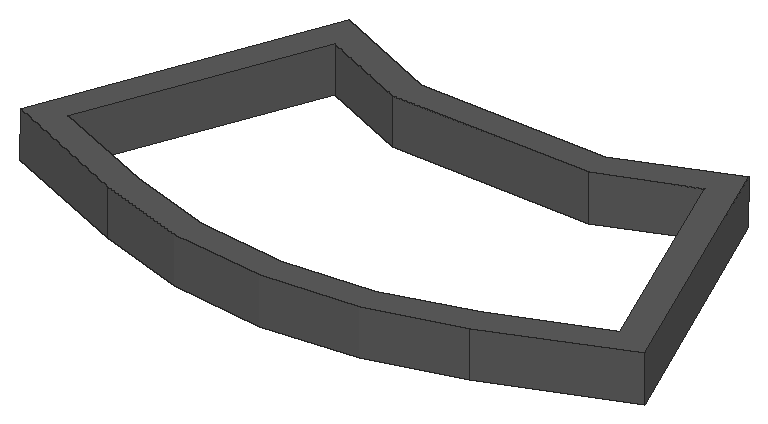
Revit family "FU_Frame_LAP0015", category Furniture, Revit 2020
Family settings
  OmniClass Number = 23.40.20.00
  OmniClass Title = General Furniture and Specialties
  Work Plane-Based = No
  Always vertical = Yes
  Cut with Voids When Loaded = No
  Shared = No
  Room Calculation Point = No
Parameters (values of type "LAP 0015")
  Width = 680 mm
  URL = "https://www.sandlerseating.com/product/lapse-0015-frame/"
  Model = "LAP 0015"
  Manufacturer = "Sandler"
  Height = 334 mm
  Frame [instance] = Epoxy - M1_B00 - Black
  Description = "Frame suited for the concave / convex seat sections finished in black or white epoxy paint."
  Depth = 393 mm
  Default Elevation = 0 mm
Reference planes
  plane 1 "Center (Front/Back)": y = 0
  plane 2: z = 0
  plane 3 "Center (Left/Right)": x = 0
  plane 4 "Right": x = -340
  plane 5 "Left": x = 340
  plane 6 "Back": y = 196.5
  plane 7 "Front": y = -196.5
  plane 8 "Height": z = 334
  plane 9 "Frame Base": z = 284
Forms (mm)
  Extrusion 1, solid, material "Epoxy - M1_B00 - Black" <- "Frame"
    sketch origin (0, 0, 284) x (-1, 0, 0) y (0, -1, 0)
      loop
        line (340, 97.685) -> (197.448, 157.036)
        arc (197.448, 157.036) -> (0, 196.498) -> (-197.448, 157.036) r 513.702
        line (-197.448, 157.036) -> (-340, 97.685) -> (-217.517, -196.5) -> (-99.958, -147.555) -> (99.958, -147.555) -> (217.517, -196.5) -> (340, 97.685)
      loop
        line (201.302, -157.259) -> (300.414, 82.025) -> (185.593, 129.584)
        arc (185.593, 129.584) -> (0, 166.5) -> (-185.593, 129.584) r 484.988
        line (-185.593, 129.584) -> (-300.414, 82.025) -> (-201.302, -157.259) -> (-106.451, -117.768) -> (106.451, -117.768) -> (201.302, -157.259)
    from 0 to 50
Dimensions and locks
  equal spacing: plane 4 "Right", plane 3 "Center (Left/Right)", plane 5 "Left"
  "Width": plane 4 "Right" to plane 5 "Left"
  equal spacing: plane 6 "Back", plane 1 "Center (Front/Back)", plane 7 "Front"
  "Depth": plane 6 "Back" to plane 7 "Front"
  "Height": plane 8 "Height" to level
  locked: plane 8 "Height" to plane 9 "Frame Base" at 50
  aligned and locked: level to plane 2
  aligned and locked: plane 8 "Height" to Extrusion 1
  aligned and locked: Extrusion 1 to plane 9 "Frame Base"
Automatic sketch dimensions
  Extrusion 1 sketch curve to plane 5 "Left" = 0 mm
  Extrusion 1 sketch curve to plane 6 "Back" = 0 mm  (x2)
  Extrusion 1 sketch curve to plane 3 "Center (Left/Right)" = 0 mm  (x2)
  Extrusion 1 sketch curve to plane 4 "Right" = 0 mm
  plane 5 "Left" to Extrusion 1 sketch curve = 39.586 mm
  plane 5 "Left" to Extrusion 1 sketch curve = 122.483 mm
  Extrusion 1 sketch curve to plane 6 "Back" = 39.241 mm  (x2)
  Extrusion 1 sketch curve to Extrusion 1 sketch curve = 16.215 mm  (x2)
  plane 7 "Front" to Extrusion 1 sketch curve = 39.464 mm  (x2)
  Extrusion 1 sketch curve to Extrusion 1 sketch curve = 102.966 mm
  Extrusion 1 sketch curve to Extrusion 1 sketch curve = 11.855 mm
  Extrusion 1 sketch curve to Extrusion 1 sketch curve = 94.851 mm
  Extrusion 1 sketch curve to Extrusion 1 sketch curve = 6.493 mm  (x2)
  Extrusion 1 sketch curve to plane 3 "Center (Left/Right)" = 99.958 mm
  Extrusion 1 sketch curve to plane 4 "Right" = 154.407 mm
  Extrusion 1 sketch curve to plane 4 "Right" = 39.586 mm
  plane 6 "Back" to Extrusion 1 sketch curve = 120.704 mm
  Extrusion 1 sketch curve to Extrusion 1 sketch curve = 1.284 mm
  Extrusion 1 sketch curve to Extrusion 1 sketch curve = 29.787 mm
  Extrusion 1 sketch curve to Extrusion 1 sketch curve = 15.661 mm
